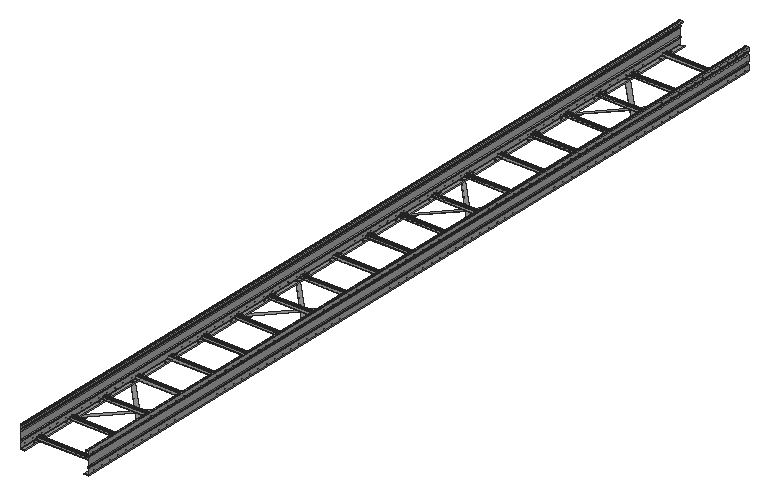
Revit family "Weitspannkabelleiter-WKLG 1650gelochter Seitenholm, FS,FT,FT SO,A4", category Generic Models, Revit 2017 (continued)
Dimensions and locks
  aligned and locked: Extrusion 322 to cut or joined group 1 (Extrusion 1, Extrusion 2, Extrusion 3, Extrusion 4, Extrusion 5, Extrusion 6, Extrusion 7, Extrusion 8, Extrusion 9, Extrusion 10, Extrusion 11, Extrusion 12, Extrusion 13, Extrusion 14, Extrusion 15, Extrusion 16, Extrusion 17, Extrusion 18, Extrusion 19, Extrusion 20, Extrusion 21, Extrusion 22, Extrusion 23, Extrusion 24, Extrusion 25, Extrusion 26, Extrusion 27, Extrusion 28, Extrusion 29, Extrusion 30, Extrusion 31, Extrusion 32, Extrusion 33, Extrusion 34, Extrusion 35, Extrusion 36, Extrusion 37, Extrusion 38, Extrusion 39, Extrusion 40, Extrusion 41, Extrusion 42, Extrusion 43, Extrusion 44, Extrusion 45, Extrusion 46, Extrusion 47, Extrusion 48, Extrusion 49, Extrusion 50, Extrusion 51, Extrusion 52, Extrusion 53, Extrusion 54, Extrusion 55, Extrusion 56, Extrusion 57, Extrusion 58, Extrusion 59, Extrusion 60, Extrusion 61, Extrusion 62, Extrusion 63, Extrusion 64, Extrusion 65, Extrusion 66, Extrusion 67, Extrusion 68, Extrusion 69, Extrusion 70, Extrusion 71, Extrusion 72, Extrusion 73, Extrusion 74, Extrusion 75, Extrusion 76, Extrusion 77, Extrusion 78, Extrusion 79, Extrusion 80, Extrusion 81, Extrusion 82, Extrusion 83, Extrusion 84, Extrusion 85, Extrusion 86, Extrusion 87, Extrusion 88, Extrusion 89, Extrusion 90, Extrusion 91, Extrusion 92, Extrusion 93, Extrusion 94, Extrusion 95, Extrusion 96, Extrusion 97, Extrusion 98, Extrusion 99, Extrusion 100, Extrusion 101, Extrusion 102, Extrusion 103, Extrusion 104, Extrusion 105, Extrusion 106, Extrusion 107, Extrusion 108, Extrusion 109, Extrusion 110, Extrusion 111, Extrusion 112, Extrusion 113, Extrusion 114, Extrusion 115, Extrusion 116, Extrusion 117, Extrusion 118, Extrusion 119, Extrusion 120, Extrusion 121, Extrusion 122, Extrusion 123, Extrusion 124, Extrusion 125, Extrusion 126, Extrusion 127, Extrusion 128, Extrusion 129, Extrusion 130, Extrusion 131, Extrusion 132, Extrusion 133, Extrusion 134, Extrusion 135, Extrusion 136, Extrusion 137, Extrusion 138, Extrusion 139, Extrusion 140, Extrusion 141, Extrusion 142, Extrusion 143, Extrusion 144, Extrusion 145, Extrusion 146, Extrusion 147, Extrusion 148, Extrusion 149, Extrusion 150, Extrusion 151, Extrusion 152, Extrusion 153, Extrusion 154, Extrusion 155, Extrusion 156, Extrusion 157, Extrusion 158, Extrusion 159, Extrusion 160, Extrusion 161, Extrusion 162, Extrusion 163, Extrusion 164, Extrusion 165, Extrusion 166, Extrusion 167, Extrusion 168, Extrusion 169, Extrusion 170, Extrusion 171, Extrusion 172, Extrusion 173, Extrusion 174, Extrusion 175, Extrusion 176, Extrusion 177, Extrusion 178, Extrusion 179, Extrusion 180, Extrusion 181, Extrusion 182, Extrusion 183, Extrusion 184, Extrusion 185, Extrusion 186, Extrusion 187, Extrusion 188, Extrusion 189, Extrusion 190, Extrusion 191, Extrusion 192, Extrusion 193, Extrusion 194, Extrusion 195, Extrusion 196, Extrusion 197, Extrusion 198, Extrusion 199, Extrusion 200, Extrusion 201, Extrusion 202, Extrusion 203, Extrusion 204, Extrusion 205, Extrusion 206, Extrusion 207, Extrusion 208, Extrusion 209, Extrusion 210, Extrusion 211, Extrusion 212, Extrusion 213, Extrusion 214, Extrusion 215, Extrusion 216, Extrusion 217, Extrusion 218, Extrusion 219, Extrusion 220, Extrusion 221, Extrusion 222, Extrusion 223, Extrusion 224, Extrusion 225, Extrusion 226, Extrusion 227, Extrusion 228, Extrusion 229, Extrusion 230, Extrusion 231, Extrusion 232, Extrusion 233, Extrusion 234, Extrusion 235, Extrusion 236, Extrusion 237, Extrusion 238, Extrusion 239, Extrusion 240, Extrusion 241, Extrusion 242, Extrusion 243, Extrusion 244, Extrusion 245, Extrusion 246, Extrusion 247, Extrusion 248, Extrusion 249, Extrusion 250, Extrusion 251, Extrusion 252, Extrusion 253, Extrusion 254, Extrusion 255, Extrusion 256, Extrusion 257, Extrusion 258, Extrusion 259, Extrusion 260, Extrusion 261, Extrusion 262, Extrusion 263, Extrusion 264, Extrusion 265, Extrusion 266, Extrusion 267, Extrusion 268, Extrusion 269, Extrusion 270, Extrusion 271, Extrusion 272, Extrusion 273, Extrusion 274, Extrusion 275, Extrusion 276, Extrusion 277, Extrusion 278, Extrusion 279, Extrusion 280, Extrusion 281, Extrusion 282, Extrusion 283, Extrusion 284, Extrusion 285, Extrusion 286, Extrusion 287, Extrusion 288, Extrusion 289, Extrusion 290, Extrusion 291, Extrusion 292, Extrusion 293, Extrusion 294, Extrusion 295, Extrusion 296, Extrusion 297, Extrusion 298, Extrusion 299, Extrusion 300, Extrusion 301, Extrusion 302, Extrusion 303, Extrusion 304, Extrusion 305, Extrusion 306, Extrusion 307, Extrusion 308, Extrusion 309, Extrusion 310, Extrusion 311, Extrusion 312, Extrusion 313, Extrusion 314, Extrusion 315, Extrusion 316, Extrusion 317, Extrusion 318, Extrusion 319, Extrusion 320, Extrusion 321, Extrusion 323, Extrusion 324, Extrusion 325, Extrusion 326, Extrusion 327, Extrusion 328, Extrusion 329, Extrusion 330, Extrusion 331, Extrusion 332, Extrusion 333, Extrusion 334, Extrusion 335, Extrusion 336, Extrusion 337, Extrusion 338, Extrusion 339, Extrusion 340, Extrusion 341, Extrusion 342, Extrusion 343, Extrusion 344, Extrusion 345, Extrusion 346, Extrusion 347, Extrusion 348, Extrusion 349, Extrusion 350, Extrusion 351, Extrusion 352, Extrusion 353, Extrusion 354, Extrusion 355, Extrusion 356, Extrusion 357, Extrusion 358, Extrusion 359, Extrusion 360, Extrusion 361, Extrusion 362, Extrusion 363, Extrusion 364, Extrusion 365, Extrusion 366, Extrusion 367, Extrusion 368, Extrusion 369, Extrusion 370, Extrusion 371, Extrusion 372, Extrusion 373, Extrusion 374, Extrusion 375, Extrusion 376, Extrusion 377, Extrusion 378, Extrusion 379, Extrusion 380, Extrusion 381, Extrusion 382, Extrusion 383, Extrusion 384, Extrusion 385, Extrusion 386, Extrusion 387, Extrusion 388, Extrusion 389, Extrusion 390, Extrusion 391, Extrusion 392, Extrusion 393, Extrusion 394, Extrusion 395, Extrusion 396, Extrusion 397, Extrusion 398, Extrusion 399, Extrusion 400, Extrusion 401, Extrusion 402, Extrusion 403, Extrusion 406, Extrusion 408, Extrusion 410, Extrusion 412, Extrusion 414, Extrusion 416, Extrusion 418, Extrusion 420, Extrusion 422, Extrusion 424, Extrusion 426, Extrusion 428, Extrusion 430, Extrusion 432, Extrusion 434, Extrusion 436, Extrusion 438, Extrusion 440, Extrusion 442)  (x2)
  aligned and locked: plane 182 to cut or joined group 1
  aligned and locked: plane 188 to cut or joined group 1
  aligned and locked: Extrusion 404 sketch curve to Extrusion 404 sketch curve
  aligned and locked: Extrusion 405 sketch curve to Extrusion 405 sketch curve
  aligned and locked: Extrusion 407 sketch curve to Extrusion 407 sketch curve
  aligned and locked: Extrusion 409 sketch curve to Extrusion 409 sketch curve
  aligned and locked: Extrusion 411 sketch curve to Extrusion 411 sketch curve
  aligned and locked: Extrusion 413 sketch curve to Extrusion 413 sketch curve
  aligned and locked: Extrusion 415 sketch curve to Extrusion 415 sketch curve
  aligned and locked: Extrusion 417 sketch curve to Extrusion 417 sketch curve
  aligned and locked: Extrusion 419 sketch curve to Extrusion 419 sketch curve
  aligned and locked: Extrusion 421 sketch curve to Extrusion 421 sketch curve
  aligned and locked: Extrusion 423 sketch curve to Extrusion 423 sketch curve
  aligned and locked: Extrusion 425 sketch curve to Extrusion 425 sketch curve
  aligned and locked: Extrusion 427 sketch curve to Extrusion 427 sketch curve
  aligned and locked: Extrusion 429 sketch curve to Extrusion 429 sketch curve
  aligned and locked: Extrusion 431 sketch curve to Extrusion 431 sketch curve
  aligned and locked: Extrusion 433 sketch curve to Extrusion 433 sketch curve
  aligned and locked: Extrusion 435 sketch curve to Extrusion 435 sketch curve
  aligned and locked: Extrusion 437 sketch curve to Extrusion 437 sketch curve
  aligned and locked: Extrusion 439 sketch curve to Extrusion 439 sketch curve
  aligned and locked: Extrusion 441 sketch curve to Extrusion 441 sketch curve
  aligned and locked: level to Extrusion 444
  aligned and locked: Extrusion 443 to Extrusion 444
  aligned and locked: Extrusion 445 to Extrusion 446
  aligned and locked: Extrusion 447 to Extrusion 448
  aligned and locked: Extrusion 449 to Extrusion 450
Automatic sketch dimensions
  Extrusion 2 sketch curve to Extrusion 2 sketch curve = 0.5 mm  (x4)
  Extrusion 3 sketch curve to Extrusion 3 sketch curve = 0.5 mm  (x4)
  plane 19 to Extrusion 3 sketch curve = 0 mm
  Extrusion 3 sketch curve to Extrusion 3 sketch curve = 8 mm
  Extrusion 4 sketch curve to Extrusion 4 sketch curve = 0.5 mm  (x4)
  Extrusion 5 sketch curve to Extrusion 5 sketch curve = 0.5 mm  (x4)
  Extrusion 6 sketch curve to Extrusion 6 sketch curve = 0.5 mm  (x4)
  Extrusion 7 sketch curve to Extrusion 7 sketch curve = 0.5 mm  (x4)
  Extrusion 8 sketch curve to Extrusion 8 sketch curve = 0.5 mm  (x4)
  Extrusion 9 sketch curve to Extrusion 9 sketch curve = 0.5 mm  (x4)
  Extrusion 10 sketch curve to Extrusion 10 sketch curve = 0.5 mm  (x4)
  Extrusion 11 sketch curve to Extrusion 11 sketch curve = 0.5 mm  (x4)
  Extrusion 12 sketch curve to Extrusion 12 sketch curve = 0.5 mm  (x4)
  Extrusion 13 sketch curve to Extrusion 13 sketch curve = 0.5 mm  (x4)
  Extrusion 14 sketch curve to Extrusion 14 sketch curve = 0.5 mm  (x4)
  Extrusion 15 sketch curve to Extrusion 15 sketch curve = 0.5 mm  (x4)
  Extrusion 16 sketch curve to Extrusion 16 sketch curve = 0.5 mm  (x4)
  Extrusion 17 sketch curve to Extrusion 17 sketch curve = 0.5 mm  (x4)
  Extrusion 18 sketch curve to Extrusion 18 sketch curve = 0.5 mm  (x4)
  Extrusion 19 sketch curve to Extrusion 19 sketch curve = 0.5 mm  (x4)
  Extrusion 20 sketch curve to Extrusion 20 sketch curve = 0.5 mm  (x4)
  Extrusion 21 sketch curve to Extrusion 21 sketch curve = 0.5 mm  (x4)
  Extrusion 22 sketch curve to Extrusion 22 sketch curve = 0.5 mm  (x4)
  Extrusion 23 sketch curve to Extrusion 23 sketch curve = 0.5 mm  (x4)
  Extrusion 24 sketch curve to Extrusion 24 sketch curve = 0.5 mm  (x4)
  Extrusion 25 sketch curve to Extrusion 25 sketch curve = 0.5 mm  (x4)
  Extrusion 26 sketch curve to Extrusion 26 sketch curve = 0.5 mm  (x4)
  Extrusion 27 sketch curve to Extrusion 27 sketch curve = 0.5 mm  (x4)
  Extrusion 28 sketch curve to Extrusion 28 sketch curve = 0.5 mm  (x4)
  Extrusion 29 sketch curve to Extrusion 29 sketch curve = 0.5 mm  (x4)
  Extrusion 30 sketch curve to Extrusion 30 sketch curve = 0.5 mm  (x4)
  Extrusion 31 sketch curve to Extrusion 31 sketch curve = 0.5 mm  (x4)
  Extrusion 32 sketch curve to Extrusion 32 sketch curve = 0.5 mm  (x4)
  Extrusion 33 sketch curve to Extrusion 33 sketch curve = 0.5 mm  (x4)
  Extrusion 34 sketch curve to Extrusion 34 sketch curve = 0.5 mm  (x4)
  Extrusion 35 sketch curve to Extrusion 35 sketch curve = 0.5 mm  (x4)
  Extrusion 36 sketch curve to Extrusion 36 sketch curve = 0.5 mm  (x4)
  Extrusion 37 sketch curve to Extrusion 37 sketch curve = 0.5 mm  (x4)
  Extrusion 38 sketch curve to Extrusion 38 sketch curve = 0.5 mm  (x4)
  Extrusion 39 sketch curve to Extrusion 39 sketch curve = 0.5 mm  (x4)
  Extrusion 40 sketch curve to Extrusion 40 sketch curve = 0.5 mm  (x4)
  Extrusion 41 sketch curve to Extrusion 41 sketch curve = 0.5 mm  (x4)
  Extrusion 42 sketch curve to Extrusion 42 sketch curve = 0.5 mm  (x4)
  Extrusion 43 sketch curve to Extrusion 43 sketch curve = 0.5 mm  (x4)
  Extrusion 44 sketch curve to Extrusion 44 sketch curve = 0.5 mm  (x4)
  Extrusion 45 sketch curve to Extrusion 45 sketch curve = 0.5 mm  (x4)
  Extrusion 46 sketch curve to Extrusion 46 sketch curve = 0.5 mm  (x4)
  Extrusion 47 sketch curve to Extrusion 47 sketch curve = 0.5 mm  (x4)
  Extrusion 48 sketch curve to Extrusion 48 sketch curve = 0.5 mm  (x4)
  Extrusion 49 sketch curve to Extrusion 49 sketch curve = 0.5 mm  (x4)
  Extrusion 50 sketch curve to Extrusion 50 sketch curve = 0.5 mm  (x4)
  Extrusion 51 sketch curve to Extrusion 51 sketch curve = 0.5 mm  (x4)
  Extrusion 52 sketch curve to Extrusion 52 sketch curve = 0.5 mm  (x4)
  Extrusion 53 sketch curve to Extrusion 53 sketch curve = 0.5 mm  (x4)
  Extrusion 54 sketch curve to Extrusion 54 sketch curve = 0.5 mm  (x4)
  Extrusion 55 sketch curve to Extrusion 55 sketch curve = 0.5 mm  (x4)
  Extrusion 56 sketch curve to Extrusion 56 sketch curve = 0.5 mm  (x4)
  Extrusion 57 sketch curve to Extrusion 57 sketch curve = 0.5 mm  (x4)
  Extrusion 58 sketch curve to Extrusion 58 sketch curve = 0.5 mm  (x4)
  Extrusion 59 sketch curve to Extrusion 59 sketch curve = 0.5 mm  (x4)
  Extrusion 60 sketch curve to Extrusion 60 sketch curve = 0.5 mm  (x4)
  Extrusion 61 sketch curve to Extrusion 61 sketch curve = 0.5 mm  (x4)
  Extrusion 62 sketch curve to Extrusion 62 sketch curve = 0.5 mm  (x4)
  Extrusion 63 sketch curve to Extrusion 63 sketch curve = 0.5 mm  (x4)
  Extrusion 64 sketch curve to Extrusion 64 sketch curve = 0.5 mm  (x4)
  Extrusion 65 sketch curve to Extrusion 65 sketch curve = 0.5 mm  (x4)
  Extrusion 66 sketch curve to Extrusion 66 sketch curve = 0.5 mm  (x4)
  Extrusion 67 sketch curve to Extrusion 67 sketch curve = 0.5 mm  (x4)
  Extrusion 68 sketch curve to Extrusion 68 sketch curve = 0.5 mm  (x4)
  Extrusion 69 sketch curve to Extrusion 69 sketch curve = 0.5 mm  (x4)
  Extrusion 70 sketch curve to Extrusion 70 sketch curve = 0.5 mm  (x4)
  Extrusion 71 sketch curve to Extrusion 71 sketch curve = 0.5 mm  (x4)
  Extrusion 72 sketch curve to Extrusion 72 sketch curve = 0.5 mm  (x4)
  Extrusion 73 sketch curve to Extrusion 73 sketch curve = 0.5 mm  (x4)
  Extrusion 74 sketch curve to Extrusion 74 sketch curve = 0.5 mm  (x4)
  Extrusion 75 sketch curve to Extrusion 75 sketch curve = 0.5 mm  (x4)
  Extrusion 76 sketch curve to Extrusion 76 sketch curve = 0.5 mm  (x4)
  Extrusion 77 sketch curve to Extrusion 77 sketch curve = 0.5 mm  (x4)
  Extrusion 78 sketch curve to Extrusion 78 sketch curve = 0.5 mm  (x4)
  Extrusion 79 sketch curve to Extrusion 79 sketch curve = 0.5 mm  (x4)
  Extrusion 80 sketch curve to Extrusion 80 sketch curve = 0.5 mm  (x4)
  Extrusion 81 sketch curve to Extrusion 81 sketch curve = 0.5 mm  (x4)
  Extrusion 82 sketch curve to Extrusion 82 sketch curve = 0.5 mm  (x4)
  Extrusion 83 sketch curve to Extrusion 83 sketch curve = 0.5 mm  (x4)
  Extrusion 84 sketch curve to Extrusion 84 sketch curve = 0.5 mm  (x4)
  Extrusion 85 sketch curve to Extrusion 85 sketch curve = 0.5 mm  (x4)
  Extrusion 86 sketch curve to Extrusion 86 sketch curve = 0.5 mm  (x4)
  Extrusion 87 sketch curve to Extrusion 87 sketch curve = 0.5 mm  (x4)
  Extrusion 88 sketch curve to Extrusion 88 sketch curve = 0.5 mm  (x4)
  Extrusion 89 sketch curve to Extrusion 89 sketch curve = 0.5 mm  (x4)
  Extrusion 90 sketch curve to Extrusion 90 sketch curve = 0.5 mm  (x4)
  Extrusion 91 sketch curve to Extrusion 91 sketch curve = 0.5 mm  (x4)
  Extrusion 92 sketch curve to Extrusion 92 sketch curve = 0.5 mm  (x4)
  Extrusion 93 sketch curve to Extrusion 93 sketch curve = 0.5 mm  (x4)
  Extrusion 94 sketch curve to Extrusion 94 sketch curve = 0.5 mm  (x4)
  Extrusion 95 sketch curve to Extrusion 95 sketch curve = 0.5 mm  (x4)
  Extrusion 96 sketch curve to Extrusion 96 sketch curve = 0.5 mm  (x4)
  Extrusion 97 sketch curve to Extrusion 97 sketch curve = 0.5 mm  (x4)
  Extrusion 98 sketch curve to Extrusion 98 sketch curve = 0.5 mm  (x4)
  Extrusion 99 sketch curve to Extrusion 99 sketch curve = 0.5 mm  (x4)
  Extrusion 100 sketch curve to Extrusion 100 sketch curve = 0.5 mm  (x4)
  Extrusion 101 sketch curve to Extrusion 101 sketch curve = 0.5 mm  (x4)
  Extrusion 102 sketch curve to Extrusion 102 sketch curve = 0.5 mm  (x4)
  Extrusion 103 sketch curve to Extrusion 103 sketch curve = 0.5 mm  (x4)
  Extrusion 104 sketch curve to Extrusion 104 sketch curve = 0.5 mm  (x4)
  Extrusion 105 sketch curve to Extrusion 105 sketch curve = 0.5 mm  (x4)
  Extrusion 106 sketch curve to Extrusion 106 sketch curve = 0.5 mm  (x4)
  Extrusion 107 sketch curve to Extrusion 107 sketch curve = 0.5 mm  (x4)
  Extrusion 108 sketch curve to Extrusion 108 sketch curve = 0.5 mm  (x4)
  Extrusion 109 sketch curve to Extrusion 109 sketch curve = 0.5 mm  (x4)
  Extrusion 110 sketch curve to Extrusion 110 sketch curve = 0.5 mm  (x4)
  Extrusion 111 sketch curve to Extrusion 111 sketch curve = 0.5 mm  (x4)
  Extrusion 112 sketch curve to Extrusion 112 sketch curve = 0.5 mm  (x4)
  Extrusion 113 sketch curve to Extrusion 113 sketch curve = 0.5 mm  (x4)
  Extrusion 114 sketch curve to Extrusion 114 sketch curve = 0.5 mm  (x4)
  Extrusion 115 sketch curve to Extrusion 115 sketch curve = 0.5 mm  (x4)
  Extrusion 116 sketch curve to Extrusion 116 sketch curve = 0.5 mm  (x4)
  Extrusion 117 sketch curve to Extrusion 117 sketch curve = 0.5 mm  (x4)
  Extrusion 118 sketch curve to Extrusion 118 sketch curve = 0.5 mm  (x4)
  Extrusion 119 sketch curve to Extrusion 119 sketch curve = 0.5 mm  (x4)
  Extrusion 120 sketch curve to Extrusion 120 sketch curve = 0.5 mm  (x4)
  Extrusion 121 sketch curve to Extrusion 121 sketch curve = 0.5 mm  (x4)
  Extrusion 122 sketch curve to Extrusion 122 sketch curve = 0.5 mm  (x4)
  Extrusion 123 sketch curve to Extrusion 123 sketch curve = 0.5 mm  (x4)
  Extrusion 124 sketch curve to Extrusion 124 sketch curve = 0.5 mm  (x4)
  Extrusion 125 sketch curve to Extrusion 125 sketch curve = 0.5 mm  (x4)
  Extrusion 126 sketch curve to Extrusion 126 sketch curve = 0.5 mm  (x4)
  Extrusion 127 sketch curve to Extrusion 127 sketch curve = 0.5 mm  (x4)
  Extrusion 128 sketch curve to Extrusion 128 sketch curve = 0.5 mm  (x4)
  Extrusion 129 sketch curve to Extrusion 129 sketch curve = 0.5 mm  (x4)
  Extrusion 130 sketch curve to Extrusion 130 sketch curve = 0.5 mm  (x4)
  Extrusion 131 sketch curve to Extrusion 131 sketch curve = 0.5 mm  (x4)
  Extrusion 132 sketch curve to Extrusion 132 sketch curve = 0.5 mm  (x4)
  Extrusion 133 sketch curve to Extrusion 133 sketch curve = 0.5 mm  (x4)
  Extrusion 134 sketch curve to Extrusion 134 sketch curve = 0.5 mm  (x4)
  Extrusion 135 sketch curve to Extrusion 135 sketch curve = 0.5 mm  (x4)
  Extrusion 136 sketch curve to Extrusion 136 sketch curve = 0.5 mm  (x4)
  Extrusion 137 sketch curve to Extrusion 137 sketch curve = 0.5 mm  (x4)
  Extrusion 138 sketch curve to Extrusion 138 sketch curve = 0.5 mm  (x4)
  Extrusion 139 sketch curve to Extrusion 139 sketch curve = 0.5 mm  (x4)
  Extrusion 140 sketch curve to Extrusion 140 sketch curve = 0.5 mm  (x4)
  Extrusion 141 sketch curve to Extrusion 141 sketch curve = 0.5 mm  (x4)
  Extrusion 142 sketch curve to Extrusion 142 sketch curve = 0.5 mm  (x4)
  Extrusion 143 sketch curve to Extrusion 143 sketch curve = 0.5 mm  (x4)
  Extrusion 144 sketch curve to Extrusion 144 sketch curve = 0.5 mm  (x4)
  Extrusion 145 sketch curve to Extrusion 145 sketch curve = 0.5 mm  (x4)
  Extrusion 146 sketch curve to Extrusion 146 sketch curve = 0.5 mm  (x4)
  Extrusion 147 sketch curve to Extrusion 147 sketch curve = 0.5 mm  (x4)
  Extrusion 148 sketch curve to Extrusion 148 sketch curve = 0.5 mm  (x4)
  Extrusion 149 sketch curve to Extrusion 149 sketch curve = 0.5 mm  (x4)
  Extrusion 150 sketch curve to Extrusion 150 sketch curve = 0.5 mm  (x4)
  Extrusion 151 sketch curve to Extrusion 151 sketch curve = 0.5 mm  (x4)
  Extrusion 152 sketch curve to Extrusion 152 sketch curve = 0.5 mm  (x4)
  Extrusion 153 sketch curve to Extrusion 153 sketch curve = 0.5 mm  (x4)
  Extrusion 154 sketch curve to Extrusion 154 sketch curve = 0.5 mm  (x4)
  Extrusion 155 sketch curve to Extrusion 155 sketch curve = 0.5 mm  (x4)
  Extrusion 156 sketch curve to Extrusion 156 sketch curve = 0.5 mm  (x4)
  Extrusion 157 sketch curve to Extrusion 157 sketch curve = 0.5 mm  (x4)
  Extrusion 158 sketch curve to Extrusion 158 sketch curve = 0.5 mm  (x4)
  Extrusion 159 sketch curve to Extrusion 159 sketch curve = 0.5 mm  (x4)
  Extrusion 160 sketch curve to Extrusion 160 sketch curve = 0.5 mm  (x4)
  Extrusion 161 sketch curve to Extrusion 161 sketch curve = 0.5 mm  (x4)
  Extrusion 162 sketch curve to Extrusion 162 sketch curve = 0.5 mm  (x4)
  Extrusion 2 sketch curve to plane 13 = 4 mm
  plane 12 to Extrusion 2 sketch curve = 12.5 mm
  Extrusion 83 sketch curve to plane 14 = 4.001 mm
  plane 12 to Extrusion 83 sketch curve = 12.5 mm
  Extrusion 163 sketch curve to Extrusion 163 sketch curve = 0.5 mm  (x4)
  plane 20 to Extrusion 163 sketch curve = 0 mm
  Extrusion 163 sketch curve to Extrusion 163 sketch curve = 8 mm
  Extrusion 164 sketch curve to Extrusion 164 sketch curve = 0.5 mm  (x4)
  plane 21 to Extrusion 164 sketch curve = 0 mm
  Extrusion 164 sketch curve to Extrusion 164 sketch curve = 8 mm
  Extrusion 165 sketch curve to Extrusion 165 sketch curve = 0.5 mm  (x4)
  plane 22 to Extrusion 165 sketch curve = 0 mm
  Extrusion 165 sketch curve to Extrusion 165 sketch curve = 8 mm
  Extrusion 166 sketch curve to Extrusion 166 sketch curve = 0.5 mm  (x4)
  plane 23 to Extrusion 166 sketch curve = 0 mm
  Extrusion 166 sketch curve to Extrusion 166 sketch curve = 8 mm
  Extrusion 167 sketch curve to Extrusion 167 sketch curve = 0.5 mm  (x4)
  plane 24 to Extrusion 167 sketch curve = 0 mm
  Extrusion 167 sketch curve to Extrusion 167 sketch curve = 8 mm
  Extrusion 168 sketch curve to Extrusion 168 sketch curve = 0.5 mm  (x4)
  plane 25 to Extrusion 168 sketch curve = 0 mm
  Extrusion 168 sketch curve to Extrusion 168 sketch curve = 8 mm
  Extrusion 169 sketch curve to Extrusion 169 sketch curve = 0.5 mm  (x4)
  plane 26 to Extrusion 169 sketch curve = 0 mm
  Extrusion 169 sketch curve to Extrusion 169 sketch curve = 8 mm
  Extrusion 170 sketch curve to Extrusion 170 sketch curve = 0.5 mm  (x4)
  plane 27 to Extrusion 170 sketch curve = 0 mm
  Extrusion 170 sketch curve to Extrusion 170 sketch curve = 8 mm
  Extrusion 171 sketch curve to Extrusion 171 sketch curve = 0.5 mm  (x4)
  plane 28 to Extrusion 171 sketch curve = 0 mm
  Extrusion 171 sketch curve to Extrusion 171 sketch curve = 8 mm
  Extrusion 172 sketch curve to Extrusion 172 sketch curve = 0.5 mm  (x4)
  plane 29 to Extrusion 172 sketch curve = 0 mm
  Extrusion 172 sketch curve to Extrusion 172 sketch curve = 8 mm
  Extrusion 173 sketch curve to Extrusion 173 sketch curve = 0.5 mm  (x4)
  plane 30 to Extrusion 173 sketch curve = 0 mm
  Extrusion 173 sketch curve to Extrusion 173 sketch curve = 8 mm
  Extrusion 174 sketch curve to Extrusion 174 sketch curve = 0.5 mm  (x4)
  plane 31 to Extrusion 174 sketch curve = 0 mm
  Extrusion 174 sketch curve to Extrusion 174 sketch curve = 8 mm
  Extrusion 175 sketch curve to Extrusion 175 sketch curve = 0.5 mm  (x4)
  plane 32 to Extrusion 175 sketch curve = 0 mm
  Extrusion 175 sketch curve to Extrusion 175 sketch curve = 8 mm
  Extrusion 176 sketch curve to Extrusion 176 sketch curve = 0.5 mm  (x4)
  plane 33 to Extrusion 176 sketch curve = 0 mm
  Extrusion 176 sketch curve to Extrusion 176 sketch curve = 8 mm
  Extrusion 177 sketch curve to Extrusion 177 sketch curve = 0.5 mm  (x4)
  plane 34 to Extrusion 177 sketch curve = 0 mm
  Extrusion 177 sketch curve to Extrusion 177 sketch curve = 8 mm
  Extrusion 178 sketch curve to Extrusion 178 sketch curve = 0.5 mm  (x4)
  plane 35 to Extrusion 178 sketch curve = 0 mm
  Extrusion 178 sketch curve to Extrusion 178 sketch curve = 8 mm
  Extrusion 179 sketch curve to Extrusion 179 sketch curve = 0.5 mm  (x4)
  plane 36 to Extrusion 179 sketch curve = 0 mm
  Extrusion 179 sketch curve to Extrusion 179 sketch curve = 8 mm
  Extrusion 180 sketch curve to Extrusion 180 sketch curve = 0.5 mm  (x4)
  plane 37 to Extrusion 180 sketch curve = 0 mm
  Extrusion 180 sketch curve to Extrusion 180 sketch curve = 8 mm
  Extrusion 181 sketch curve to Extrusion 181 sketch curve = 0.5 mm  (x4)
  plane 38 to Extrusion 181 sketch curve = 0 mm
  Extrusion 181 sketch curve to Extrusion 181 sketch curve = 8 mm
  Extrusion 182 sketch curve to Extrusion 182 sketch curve = 0.5 mm  (x4)
  plane 39 to Extrusion 182 sketch curve = 0 mm
  Extrusion 182 sketch curve to Extrusion 182 sketch curve = 8 mm
  Extrusion 183 sketch curve to Extrusion 183 sketch curve = 0.5 mm  (x4)
  plane 40 to Extrusion 183 sketch curve = 0 mm
  Extrusion 183 sketch curve to Extrusion 183 sketch curve = 8 mm
  Extrusion 184 sketch curve to Extrusion 184 sketch curve = 0.5 mm  (x4)
  plane 41 to Extrusion 184 sketch curve = 0 mm
  Extrusion 184 sketch curve to Extrusion 184 sketch curve = 8 mm
  Extrusion 185 sketch curve to Extrusion 185 sketch curve = 0.5 mm  (x4)
  plane 42 to Extrusion 185 sketch curve = 0 mm
  Extrusion 185 sketch curve to Extrusion 185 sketch curve = 8 mm
  Extrusion 186 sketch curve to Extrusion 186 sketch curve = 0.5 mm  (x4)
  plane 43 to Extrusion 186 sketch curve = 0 mm
  Extrusion 186 sketch curve to Extrusion 186 sketch curve = 8 mm
  Extrusion 187 sketch curve to Extrusion 187 sketch curve = 0.5 mm  (x4)
  plane 44 to Extrusion 187 sketch curve = 0 mm
  Extrusion 187 sketch curve to Extrusion 187 sketch curve = 8 mm
  Extrusion 188 sketch curve to Extrusion 188 sketch curve = 0.5 mm  (x4)
  plane 45 to Extrusion 188 sketch curve = 0 mm
  Extrusion 188 sketch curve to Extrusion 188 sketch curve = 8 mm
  Extrusion 189 sketch curve to Extrusion 189 sketch curve = 0.5 mm  (x4)
  plane 46 to Extrusion 189 sketch curve = 0 mm
  Extrusion 189 sketch curve to Extrusion 189 sketch curve = 8 mm
  Extrusion 190 sketch curve to Extrusion 190 sketch curve = 0.5 mm  (x4)
  plane 47 to Extrusion 190 sketch curve = 0 mm
  Extrusion 190 sketch curve to Extrusion 190 sketch curve = 8 mm
  Extrusion 191 sketch curve to Extrusion 191 sketch curve = 0.5 mm  (x4)
  plane 48 to Extrusion 191 sketch curve = 0 mm
  Extrusion 191 sketch curve to Extrusion 191 sketch curve = 8 mm
  Extrusion 192 sketch curve to Extrusion 192 sketch curve = 0.5 mm  (x4)
  plane 49 to Extrusion 192 sketch curve = 0 mm
  Extrusion 192 sketch curve to Extrusion 192 sketch curve = 8 mm
  Extrusion 193 sketch curve to Extrusion 193 sketch curve = 0.5 mm  (x4)
  plane 50 to Extrusion 193 sketch curve = 0 mm
  Extrusion 193 sketch curve to Extrusion 193 sketch curve = 8 mm
  Extrusion 194 sketch curve to Extrusion 194 sketch curve = 0.5 mm  (x4)
  plane 51 to Extrusion 194 sketch curve = 0 mm
  Extrusion 194 sketch curve to Extrusion 194 sketch curve = 8 mm
  Extrusion 195 sketch curve to Extrusion 195 sketch curve = 0.5 mm  (x4)
  plane 52 to Extrusion 195 sketch curve = 0 mm
  Extrusion 195 sketch curve to Extrusion 195 sketch curve = 8 mm
  Extrusion 196 sketch curve to Extrusion 196 sketch curve = 0.5 mm  (x4)
  plane 53 to Extrusion 196 sketch curve = 0 mm
  Extrusion 196 sketch curve to Extrusion 196 sketch curve = 8 mm
  Extrusion 197 sketch curve to Extrusion 197 sketch curve = 0.5 mm  (x4)
  plane 54 to Extrusion 197 sketch curve = 0 mm
  Extrusion 197 sketch curve to Extrusion 197 sketch curve = 8 mm
  Extrusion 198 sketch curve to Extrusion 198 sketch curve = 0.5 mm  (x4)
  plane 55 to Extrusion 198 sketch curve = 0 mm
  Extrusion 198 sketch curve to Extrusion 198 sketch curve = 8 mm
  Extrusion 199 sketch curve to Extrusion 199 sketch curve = 0.5 mm  (x4)
  plane 56 to Extrusion 199 sketch curve = 0 mm
  Extrusion 199 sketch curve to Extrusion 199 sketch curve = 8 mm
  Extrusion 200 sketch curve to Extrusion 200 sketch curve = 0.5 mm  (x4)
  plane 57 to Extrusion 200 sketch curve = 0 mm
  Extrusion 200 sketch curve to Extrusion 200 sketch curve = 8 mm
  Extrusion 201 sketch curve to Extrusion 201 sketch curve = 0.5 mm  (x4)
  plane 58 to Extrusion 201 sketch curve = 0 mm
  Extrusion 201 sketch curve to Extrusion 201 sketch curve = 8 mm
  Extrusion 202 sketch curve to Extrusion 202 sketch curve = 0.5 mm  (x4)
  plane 59 to Extrusion 202 sketch curve = 0 mm
  Extrusion 202 sketch curve to Extrusion 202 sketch curve = 8 mm
  Extrusion 203 sketch curve to Extrusion 203 sketch curve = 0.5 mm  (x4)
  plane 60 to Extrusion 203 sketch curve = 0 mm
  Extrusion 203 sketch curve to Extrusion 203 sketch curve = 8 mm
  Extrusion 204 sketch curve to Extrusion 204 sketch curve = 0.5 mm  (x4)
  plane 61 to Extrusion 204 sketch curve = 0 mm
  Extrusion 204 sketch curve to Extrusion 204 sketch curve = 8 mm
  Extrusion 205 sketch curve to Extrusion 205 sketch curve = 0.5 mm  (x4)
  plane 62 to Extrusion 205 sketch curve = 0 mm
  Extrusion 205 sketch curve to Extrusion 205 sketch curve = 8 mm
  Extrusion 206 sketch curve to Extrusion 206 sketch curve = 0.5 mm  (x4)
  plane 63 to Extrusion 206 sketch curve = 0 mm
  Extrusion 206 sketch curve to Extrusion 206 sketch curve = 8 mm
  Extrusion 207 sketch curve to Extrusion 207 sketch curve = 0.5 mm  (x4)
  plane 64 to Extrusion 207 sketch curve = 0 mm
  Extrusion 207 sketch curve to Extrusion 207 sketch curve = 8 mm
  Extrusion 208 sketch curve to Extrusion 208 sketch curve = 0.5 mm  (x4)
  plane 65 to Extrusion 208 sketch curve = 0 mm
  Extrusion 208 sketch curve to Extrusion 208 sketch curve = 8 mm
  Extrusion 209 sketch curve to Extrusion 209 sketch curve = 0.5 mm  (x4)
  plane 66 to Extrusion 209 sketch curve = 0 mm
  Extrusion 209 sketch curve to Extrusion 209 sketch curve = 8 mm
  Extrusion 210 sketch curve to Extrusion 210 sketch curve = 0.5 mm  (x4)
  plane 67 to Extrusion 210 sketch curve = 0 mm
  Extrusion 210 sketch curve to Extrusion 210 sketch curve = 8 mm
  Extrusion 211 sketch curve to Extrusion 211 sketch curve = 0.5 mm  (x4)
  plane 68 to Extrusion 211 sketch curve = 0 mm
  Extrusion 211 sketch curve to Extrusion 211 sketch curve = 8 mm
  Extrusion 212 sketch curve to Extrusion 212 sketch curve = 0.5 mm  (x4)
  plane 69 to Extrusion 212 sketch curve = 0 mm
  Extrusion 212 sketch curve to Extrusion 212 sketch curve = 8 mm
  Extrusion 213 sketch curve to Extrusion 213 sketch curve = 0.5 mm  (x4)
  plane 70 to Extrusion 213 sketch curve = 0 mm
  Extrusion 213 sketch curve to Extrusion 213 sketch curve = 8 mm
  Extrusion 214 sketch curve to Extrusion 214 sketch curve = 0.5 mm  (x4)
  plane 71 to Extrusion 214 sketch curve = 0 mm
  Extrusion 214 sketch curve to Extrusion 214 sketch curve = 8 mm
  Extrusion 215 sketch curve to Extrusion 215 sketch curve = 0.5 mm  (x4)
  plane 72 to Extrusion 215 sketch curve = 0 mm
  Extrusion 215 sketch curve to Extrusion 215 sketch curve = 8 mm
  Extrusion 216 sketch curve to Extrusion 216 sketch curve = 0.5 mm  (x4)
  plane 73 to Extrusion 216 sketch curve = 0 mm
  Extrusion 216 sketch curve to Extrusion 216 sketch curve = 8 mm
  Extrusion 217 sketch curve to Extrusion 217 sketch curve = 0.5 mm  (x4)
  plane 74 to Extrusion 217 sketch curve = 0 mm
  Extrusion 217 sketch curve to Extrusion 217 sketch curve = 8 mm
  Extrusion 218 sketch curve to Extrusion 218 sketch curve = 0.5 mm  (x4)
  plane 75 to Extrusion 218 sketch curve = 0 mm
  Extrusion 218 sketch curve to Extrusion 218 sketch curve = 8 mm
  Extrusion 219 sketch curve to Extrusion 219 sketch curve = 0.5 mm  (x4)
  plane 76 to Extrusion 219 sketch curve = 0 mm
  Extrusion 219 sketch curve to Extrusion 219 sketch curve = 8 mm
  Extrusion 220 sketch curve to Extrusion 220 sketch curve = 0.5 mm  (x4)
  plane 77 to Extrusion 220 sketch curve = 0 mm
  Extrusion 220 sketch curve to Extrusion 220 sketch curve = 8 mm
  Extrusion 221 sketch curve to Extrusion 221 sketch curve = 0.5 mm  (x4)
  plane 78 to Extrusion 221 sketch curve = 0 mm
  Extrusion 221 sketch curve to Extrusion 221 sketch curve = 8 mm
  Extrusion 222 sketch curve to Extrusion 222 sketch curve = 0.5 mm  (x4)
  plane 79 to Extrusion 222 sketch curve = 0 mm
  Extrusion 222 sketch curve to Extrusion 222 sketch curve = 8 mm
  Extrusion 223 sketch curve to Extrusion 223 sketch curve = 0.5 mm  (x4)
  plane 80 to Extrusion 223 sketch curve = 0 mm
  Extrusion 223 sketch curve to Extrusion 223 sketch curve = 8 mm
  Extrusion 224 sketch curve to Extrusion 224 sketch curve = 0.5 mm  (x4)
  plane 81 to Extrusion 224 sketch curve = 0 mm
  Extrusion 224 sketch curve to Extrusion 224 sketch curve = 8 mm
  Extrusion 225 sketch curve to Extrusion 225 sketch curve = 0.5 mm  (x4)
  plane 82 to Extrusion 225 sketch curve = 0 mm
  Extrusion 225 sketch curve to Extrusion 225 sketch curve = 8 mm
  Extrusion 226 sketch curve to Extrusion 226 sketch curve = 0.5 mm  (x4)
  plane 83 to Extrusion 226 sketch curve = 0 mm
  Extrusion 226 sketch curve to Extrusion 226 sketch curve = 8 mm
  Extrusion 227 sketch curve to Extrusion 227 sketch curve = 0.5 mm  (x4)
  plane 84 to Extrusion 227 sketch curve = 0 mm
  Extrusion 227 sketch curve to Extrusion 227 sketch curve = 8 mm
  Extrusion 228 sketch curve to Extrusion 228 sketch curve = 0.5 mm  (x4)
  plane 85 to Extrusion 228 sketch curve = 0 mm
  Extrusion 228 sketch curve to Extrusion 228 sketch curve = 8 mm
  Extrusion 229 sketch curve to Extrusion 229 sketch curve = 0.5 mm  (x4)
  plane 86 to Extrusion 229 sketch curve = 0 mm
  Extrusion 229 sketch curve to Extrusion 229 sketch curve = 8 mm
  Extrusion 230 sketch curve to Extrusion 230 sketch curve = 0.5 mm  (x4)
  plane 87 to Extrusion 230 sketch curve = 0 mm
  Extrusion 230 sketch curve to Extrusion 230 sketch curve = 8 mm
  Extrusion 231 sketch curve to Extrusion 231 sketch curve = 0.5 mm  (x4)
  plane 88 to Extrusion 231 sketch curve = 0 mm
  Extrusion 231 sketch curve to Extrusion 231 sketch curve = 8 mm
  Extrusion 232 sketch curve to Extrusion 232 sketch curve = 0.5 mm  (x4)
  plane 89 to Extrusion 232 sketch curve = 0 mm
  Extrusion 232 sketch curve to Extrusion 232 sketch curve = 8 mm
  Extrusion 233 sketch curve to Extrusion 233 sketch curve = 0.5 mm  (x4)
  plane 90 to Extrusion 233 sketch curve = 0 mm
  Extrusion 233 sketch curve to Extrusion 233 sketch curve = 8 mm
  Extrusion 234 sketch curve to Extrusion 234 sketch curve = 0.5 mm  (x4)
  plane 91 to Extrusion 234 sketch curve = 0 mm
  Extrusion 234 sketch curve to Extrusion 234 sketch curve = 8 mm
  Extrusion 235 sketch curve to Extrusion 235 sketch curve = 0.5 mm  (x4)
  plane 92 to Extrusion 235 sketch curve = 0 mm
  Extrusion 235 sketch curve to Extrusion 235 sketch curve = 8 mm
  Extrusion 236 sketch curve to Extrusion 236 sketch curve = 0.5 mm  (x4)
  plane 93 to Extrusion 236 sketch curve = 0 mm
  Extrusion 236 sketch curve to Extrusion 236 sketch curve = 8 mm
  Extrusion 237 sketch curve to Extrusion 237 sketch curve = 0.5 mm  (x4)
  plane 94 to Extrusion 237 sketch curve = 0 mm
  Extrusion 237 sketch curve to Extrusion 237 sketch curve = 8 mm
  Extrusion 238 sketch curve to Extrusion 238 sketch curve = 0.5 mm  (x4)
  plane 95 to Extrusion 238 sketch curve = 0 mm
  Extrusion 238 sketch curve to Extrusion 238 sketch curve = 8 mm
  Extrusion 239 sketch curve to Extrusion 239 sketch curve = 0.5 mm  (x4)
  plane 96 to Extrusion 239 sketch curve = 0 mm
  Extrusion 239 sketch curve to Extrusion 239 sketch curve = 8 mm
  Extrusion 240 sketch curve to Extrusion 240 sketch curve = 0.5 mm  (x4)
  plane 97 to Extrusion 240 sketch curve = 0 mm
  Extrusion 240 sketch curve to Extrusion 240 sketch curve = 8 mm
  Extrusion 241 sketch curve to Extrusion 241 sketch curve = 0.5 mm  (x4)
  plane 98 to Extrusion 241 sketch curve = 0 mm
  Extrusion 241 sketch curve to Extrusion 241 sketch curve = 8 mm
  Extrusion 242 sketch curve to Extrusion 242 sketch curve = 0.5 mm  (x4)
  plane 99 to Extrusion 242 sketch curve = 0 mm
  Extrusion 242 sketch curve to Extrusion 242 sketch curve = 8 mm
  Extrusion 243 sketch curve to Extrusion 243 sketch curve = 0.5 mm  (x4)
  plane 100 to Extrusion 243 sketch curve = 0 mm
  Extrusion 243 sketch curve to Extrusion 243 sketch curve = 8 mm
  Extrusion 244 sketch curve to Extrusion 244 sketch curve = 0.5 mm  (x4)
  plane 101 to Extrusion 244 sketch curve = 0 mm
  Extrusion 244 sketch curve to Extrusion 244 sketch curve = 8 mm
  Extrusion 245 sketch curve to Extrusion 245 sketch curve = 0.5 mm  (x4)
  plane 102 to Extrusion 245 sketch curve = 0 mm
  Extrusion 245 sketch curve to Extrusion 245 sketch curve = 8 mm
  Extrusion 246 sketch curve to Extrusion 246 sketch curve = 0.5 mm  (x4)
  plane 103 to Extrusion 246 sketch curve = 0 mm
  Extrusion 246 sketch curve to Extrusion 246 sketch curve = 8 mm
  Extrusion 247 sketch curve to Extrusion 247 sketch curve = 0.5 mm  (x4)
  plane 104 to Extrusion 247 sketch curve = 0 mm
  Extrusion 247 sketch curve to Extrusion 247 sketch curve = 8 mm
  Extrusion 248 sketch curve to Extrusion 248 sketch curve = 0.5 mm  (x4)
  plane 105 to Extrusion 248 sketch curve = 0 mm
  Extrusion 248 sketch curve to Extrusion 248 sketch curve = 8 mm
  Extrusion 249 sketch curve to Extrusion 249 sketch curve = 0.5 mm  (x4)
  plane 106 to Extrusion 249 sketch curve = 0 mm
  Extrusion 249 sketch curve to Extrusion 249 sketch curve = 8 mm
  Extrusion 250 sketch curve to Extrusion 250 sketch curve = 0.5 mm  (x4)
  plane 107 to Extrusion 250 sketch curve = 0 mm
  Extrusion 250 sketch curve to Extrusion 250 sketch curve = 8 mm
  Extrusion 251 sketch curve to Extrusion 251 sketch curve = 0.5 mm  (x4)
  plane 108 to Extrusion 251 sketch curve = 0 mm
  Extrusion 251 sketch curve to Extrusion 251 sketch curve = 8 mm
  Extrusion 252 sketch curve to Extrusion 252 sketch curve = 0.5 mm  (x4)
  plane 109 to Extrusion 252 sketch curve = 0 mm
  Extrusion 252 sketch curve to Extrusion 252 sketch curve = 8 mm
  Extrusion 253 sketch curve to Extrusion 253 sketch curve = 0.5 mm  (x4)
  plane 110 to Extrusion 253 sketch curve = 0 mm
  Extrusion 253 sketch curve to Extrusion 253 sketch curve = 8 mm
  Extrusion 254 sketch curve to Extrusion 254 sketch curve = 0.5 mm  (x4)
  plane 111 to Extrusion 254 sketch curve = 0 mm
  Extrusion 254 sketch curve to Extrusion 254 sketch curve = 8 mm
  Extrusion 255 sketch curve to Extrusion 255 sketch curve = 0.5 mm  (x4)
  plane 112 to Extrusion 255 sketch curve = 0 mm
  Extrusion 255 sketch curve to Extrusion 255 sketch curve = 8 mm
  Extrusion 256 sketch curve to Extrusion 256 sketch curve = 0.5 mm  (x4)
  plane 113 to Extrusion 256 sketch curve = 0 mm
  Extrusion 256 sketch curve to Extrusion 256 sketch curve = 8 mm
  Extrusion 257 sketch curve to Extrusion 257 sketch curve = 0.5 mm  (x4)
  plane 114 to Extrusion 257 sketch curve = 0 mm
  Extrusion 257 sketch curve to Extrusion 257 sketch curve = 8 mm
  Extrusion 258 sketch curve to Extrusion 258 sketch curve = 0.5 mm  (x4)
  plane 115 to Extrusion 258 sketch curve = 0 mm
  Extrusion 258 sketch curve to Extrusion 258 sketch curve = 8 mm
  Extrusion 259 sketch curve to Extrusion 259 sketch curve = 0.5 mm  (x4)
  plane 116 to Extrusion 259 sketch curve = 0 mm
  Extrusion 259 sketch curve to Extrusion 259 sketch curve = 8 mm
  Extrusion 260 sketch curve to Extrusion 260 sketch curve = 0.5 mm  (x4)
  plane 117 to Extrusion 260 sketch curve = 0 mm
  Extrusion 260 sketch curve to Extrusion 260 sketch curve = 8 mm
  Extrusion 261 sketch curve to Extrusion 261 sketch curve = 0.5 mm  (x4)
  plane 118 to Extrusion 261 sketch curve = 0 mm
  Extrusion 261 sketch curve to Extrusion 261 sketch curve = 8 mm
  Extrusion 262 sketch curve to Extrusion 262 sketch curve = 0.5 mm  (x4)
  plane 119 to Extrusion 262 sketch curve = 0 mm
  Extrusion 262 sketch curve to Extrusion 262 sketch curve = 8 mm
  Extrusion 263 sketch curve to Extrusion 263 sketch curve = 0.5 mm  (x4)
  plane 120 to Extrusion 263 sketch curve = 0 mm
  Extrusion 263 sketch curve to Extrusion 263 sketch curve = 8 mm
  Extrusion 264 sketch curve to Extrusion 264 sketch curve = 0.5 mm  (x4)
  plane 121 to Extrusion 264 sketch curve = 0 mm
  Extrusion 264 sketch curve to Extrusion 264 sketch curve = 8 mm
  Extrusion 265 sketch curve to Extrusion 265 sketch curve = 0.5 mm  (x4)
  plane 122 to Extrusion 265 sketch curve = 0 mm
  Extrusion 265 sketch curve to Extrusion 265 sketch curve = 8 mm
  Extrusion 266 sketch curve to Extrusion 266 sketch curve = 0.5 mm  (x4)
  plane 123 to Extrusion 266 sketch curve = 0 mm
  Extrusion 266 sketch curve to Extrusion 266 sketch curve = 8 mm
  Extrusion 267 sketch curve to Extrusion 267 sketch curve = 0.5 mm  (x4)
  plane 124 to Extrusion 267 sketch curve = 0 mm
  Extrusion 267 sketch curve to Extrusion 267 sketch curve = 8 mm
  Extrusion 268 sketch curve to Extrusion 268 sketch curve = 0.5 mm  (x4)
  plane 125 to Extrusion 268 sketch curve = 0 mm
  Extrusion 268 sketch curve to Extrusion 268 sketch curve = 8 mm
  Extrusion 269 sketch curve to Extrusion 269 sketch curve = 0.5 mm  (x4)
  plane 126 to Extrusion 269 sketch curve = 0 mm
  Extrusion 269 sketch curve to Extrusion 269 sketch curve = 8 mm
  Extrusion 270 sketch curve to Extrusion 270 sketch curve = 0.5 mm  (x4)
  plane 127 to Extrusion 270 sketch curve = 0 mm
  Extrusion 270 sketch curve to Extrusion 270 sketch curve = 8 mm
  Extrusion 271 sketch curve to Extrusion 271 sketch curve = 0.5 mm  (x4)
  plane 128 to Extrusion 271 sketch curve = 0 mm
  Extrusion 271 sketch curve to Extrusion 271 sketch curve = 8 mm
  Extrusion 272 sketch curve to Extrusion 272 sketch curve = 0.5 mm  (x4)
  plane 129 to Extrusion 272 sketch curve = 0 mm
  Extrusion 272 sketch curve to Extrusion 272 sketch curve = 8 mm
  Extrusion 273 sketch curve to Extrusion 273 sketch curve = 0.5 mm  (x4)
  plane 130 to Extrusion 273 sketch curve = 0 mm
  Extrusion 273 sketch curve to Extrusion 273 sketch curve = 8 mm
  Extrusion 274 sketch curve to Extrusion 274 sketch curve = 0.5 mm  (x4)
  plane 131 to Extrusion 274 sketch curve = 0 mm
  Extrusion 274 sketch curve to Extrusion 274 sketch curve = 8 mm
  Extrusion 275 sketch curve to Extrusion 275 sketch curve = 0.5 mm  (x4)
  plane 132 to Extrusion 275 sketch curve = 0 mm
  Extrusion 275 sketch curve to Extrusion 275 sketch curve = 8 mm
  Extrusion 276 sketch curve to Extrusion 276 sketch curve = 0.5 mm  (x4)
  plane 133 to Extrusion 276 sketch curve = 0 mm
  Extrusion 276 sketch curve to Extrusion 276 sketch curve = 8 mm
  Extrusion 277 sketch curve to Extrusion 277 sketch curve = 0.5 mm  (x4)
  plane 134 to Extrusion 277 sketch curve = 0 mm
  Extrusion 277 sketch curve to Extrusion 277 sketch curve = 8 mm
  Extrusion 278 sketch curve to Extrusion 278 sketch curve = 0.5 mm  (x4)
  plane 135 to Extrusion 278 sketch curve = 0 mm
  Extrusion 278 sketch curve to Extrusion 278 sketch curve = 8 mm
  Extrusion 279 sketch curve to Extrusion 279 sketch curve = 0.5 mm  (x4)
  plane 136 to Extrusion 279 sketch curve = 0 mm
  Extrusion 279 sketch curve to Extrusion 279 sketch curve = 8 mm
  Extrusion 280 sketch curve to Extrusion 280 sketch curve = 0.5 mm  (x4)
  plane 137 to Extrusion 280 sketch curve = 0 mm
  Extrusion 280 sketch curve to Extrusion 280 sketch curve = 8 mm
  Extrusion 281 sketch curve to Extrusion 281 sketch curve = 0.5 mm  (x4)
  plane 138 to Extrusion 281 sketch curve = 0 mm
  Extrusion 281 sketch curve to Extrusion 281 sketch curve = 8 mm
  Extrusion 282 sketch curve to Extrusion 282 sketch curve = 0.5 mm  (x4)
  plane 139 to Extrusion 282 sketch curve = 0 mm
  Extrusion 282 sketch curve to Extrusion 282 sketch curve = 8 mm
  Extrusion 283 sketch curve to Extrusion 283 sketch curve = 0.5 mm  (x4)
  plane 140 to Extrusion 283 sketch curve = 0 mm
  Extrusion 283 sketch curve to Extrusion 283 sketch curve = 8 mm
  Extrusion 284 sketch curve to Extrusion 284 sketch curve = 0.5 mm  (x4)
  plane 141 to Extrusion 284 sketch curve = 0 mm
  Extrusion 284 sketch curve to Extrusion 284 sketch curve = 8 mm
  Extrusion 285 sketch curve to Extrusion 285 sketch curve = 0.5 mm  (x4)
  plane 142 to Extrusion 285 sketch curve = 0 mm
  Extrusion 285 sketch curve to Extrusion 285 sketch curve = 8 mm
  Extrusion 286 sketch curve to Extrusion 286 sketch curve = 0.5 mm  (x4)
  plane 143 to Extrusion 286 sketch curve = 0 mm
